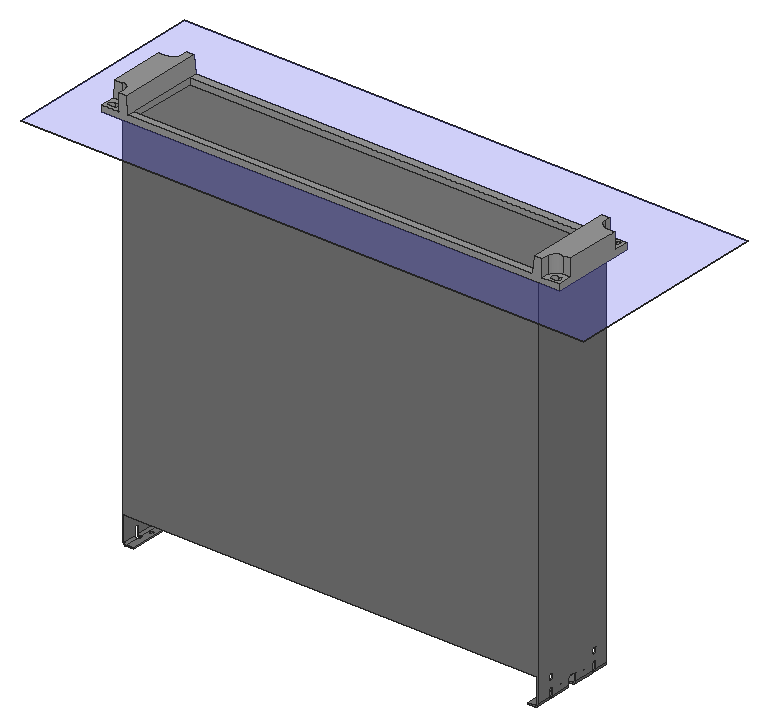
Revit family "IO Frame 8s", category Generic Models, host Face, Revit 2014
Parameters (values of type "IO Frame 8s")
  Width = 19.00"  # constant formula
  Voltage AC = "100-240 at 50-60 Hz"  # constant formula
  URL = "http://qsc.com/products/Q-SYS_Integrated_System/Io_Peripherals/IO_Frame_8s/"
  Regulatory Compliance = "UL, CE and FCC"
  Product Page URL = "http://qsc.com/products/Q-SYS_Integrated_System/Io_Peripherals/IO_Frame_8s/"
  Product Documentation Link = "http://qsc.com/files/4014/0269/3352/IO-FRAME_8s_SpecSheet_6_10_2014.pdf"
  Model = "I/O Frame 8s"
  Manufacturer URL = "http://www.qscaudio.com"
  Manufacturer = "QSC Audio Products, LLC"  # constant formula
  Inner Front Width [instance] = 16.819"
  Height = 3.50"  # constant formula
  Heat Load Active [instance] = 650
  Face Material [instance] = Light Gray Finish
  Description = "8 Card Slot Audio Input Output Device"
  Depth = 16.75"
  Default Elevation = 0.00"
  Current Draw [instance] = 8.5
  Amplifier Material [instance] = Dark Gray Finish
Reference planes (in)
  plane 1 "Center (Front/Back)": y = 0
  plane 2: z = 0
  plane 3 "Center (Left/Right)": x = 0
  plane 4 "Left": x = -9.5
  plane 5 "Right": x = 9.5
  plane 6 "Top": y = 1.75
  plane 7 "Bottom": y = -1.75
  plane 8 "Back": z = -15.8091
  plane 9: z = -14.6791
  plane 10 "Enclosure Left": x = -8.6228
  plane 11 "Enclosure Right": x = 8.6228
  plane 12 "Front": z = 0.9409
  plane 13: x = -8.1838
  plane 14: x = 8.1838
  plane 15: x = -9.4688
  plane 16: x = -8.4698
  plane 17: x = -8.4095
  plane 18: z = 0.2492
  plane 19: x = 9.4688
  plane 20: x = 8.4698
  plane 21: x = 8.4095
  plane 22: z = 0.2492
  plane 23: z = 0.5531
  plane 24 "Inner Left": x = -8.4095
  plane 25 "Inner Right": x = 8.4095
Forms (in)
  Extrusion 1, solid, material "Glass"
    sketch origin (0, 0, 0) x (1, 0, 0) y (0, 1, 0)
      loop
        line (-11.18464, 4.67779) -> (-11.18464, -3.88137) -> (12.1957, -3.88137) -> (12.1957, 4.67779) -> (-11.18464, 4.67779)
    from 0 to -0.03906
  Extrusion 2, solid, material "Dark Gray Finish" <- "Amplifier Material"
    sketch origin (0, -1.75, 0) x (-1, 0, 0) y (0, 0, 1)
      loop
        line (9.5, 0) -> (-9.5, 0) -> (-9.5, -15.8091) -> (9.5, -15.8091) -> (9.5, 0)
    from 0 to 3.5 <- "Height"
  Extrusion 3, void
    sketch origin (0, -1.75, 0) x (-1, 0, 0) y (0, 0, 1)
      loop
        line (8.6228, -15.8091) -> (9.5, -15.8091) -> (9.5, 0) -> (8.6228, 0) -> (8.6228, -15.8091)
      loop
        line (-9.5, -15.8091) -> (-8.6228, -15.8091) -> (-8.6228, 0) -> (-9.5, 0) -> (-9.5, -15.8091)
    from 0 to 3.5 <- "Height"
  Extrusion 4, void
    sketch origin (0, -1.75, 0) x (-1, 0, 0) y (0, 0, 1)
      loop
        arc (8.6228, -15.6791) -> (8.58472, -15.77102) -> (8.4928, -15.8091) r 0.13
        line (8.4928, -15.8091) -> (8.6228, -15.8091) -> (8.6228, -15.6791)
      loop
        line (8.5755, -15.67909) -> (8.5755, -14.6791) -> (-8.5755, -14.6791) -> (-8.5755, -15.67909)
        arc (-8.5755, -15.67909) -> (-8.55128, -15.73757) -> (-8.4928, -15.76179) r 0.0827
        line (-8.4928, -15.76179) -> (-8.1838, -15.76179) -> (-8.1838, -15.8091) -> (8.1838, -15.8091) -> (8.1838, -15.76179) -> (8.4928, -15.76179)
        arc (8.4928, -15.76179) -> (8.55128, -15.73757) -> (8.5755, -15.67909) r 0.0827
      loop
        line (-8.6228, -15.6791) -> (-8.6228, -15.8091) -> (-8.4928, -15.8091)
        arc (-8.4928, -15.8091) -> (-8.58472, -15.77102) -> (-8.6228, -15.6791) r 0.13
    from 0 to 3.5
  Extrusion 5, void
    sketch origin (0, -1.75, 0) x (-1, 0, 0) y (0, 0, 1)
      loop
        line (9.5, 0) -> (9.5, 0.9409) -> (9.4688, 0.9409) -> (9.5, 0)
      loop
        line (8.4698, 0.9409) -> (-8.4698, 0.9409) -> (-8.4095, 0.2492) -> (8.4095, 0.2492) -> (8.4698, 0.9409)
      loop
        line (-9.4688, 0.9409) -> (-9.5, 0.9409) -> (-9.5, 0) -> (-9.4688, 0.9409)
    from 0 to 3.5
  Extrusion 6, void
    sketch origin (0, 0, 0.9409) x (-1, 0, 0) y (0, -1, 0)
      loop
        line (9.5, -1.75) -> (9.5, -1.138) -> (9.1609, -1.138)
        arc (9.1609, -1.138) -> (8.90489, -1.23581) -> (8.7793, -1.4794) r 0.38397
        line (8.7793, -1.4794) -> (8.7793, -1.75) -> (9.5, -1.75)
      loop
        line (9.5, 1.75) -> (8.7793, 1.75) -> (8.7793, 1.4794)
        arc (8.7793, 1.4794) -> (8.90489, 1.23581) -> (9.1609, 1.138) r 0.38397
        line (9.1609, 1.138) -> (9.5, 1.138) -> (9.5, 1.75)
      loop
        line (-9.5, -1.75) -> (-8.7793, -1.75) -> (-8.7793, -1.4794)
        arc (-8.7793, -1.4794) -> (-8.90489, -1.23581) -> (-9.1609, -1.138) r 0.38397
        line (-9.1609, -1.138) -> (-9.5, -1.138) -> (-9.5, -1.75)
      loop
        line (-9.5, 1.75) -> (-9.5, 1.138) -> (-9.1609, 1.138)
        arc (-9.1609, 1.138) -> (-8.90489, 1.23581) -> (-8.7793, 1.4794) r 0.38397
        line (-8.7793, 1.4794) -> (-8.7793, 1.75) -> (-9.5, 1.75)
    from 0 to -0.68359
  Extrusion 7, void
    sketch origin (0, 0, 0.9409) x (-1, 0, 0) y (0, -1, 0)
      loop
        arc (9.2614, -1.651) -> (9.3894, -1.523) -> (9.2614, -1.395) r 0.128
        line (9.2614, -1.395) -> (9.1314, -1.395)
        arc (9.1314, -1.395) -> (9.0034, -1.523) -> (9.1314, -1.651) r 0.128
        line (9.1314, -1.651) -> (9.2614, -1.651)
      loop
        arc (9.2614, 1.395) -> (9.3894, 1.523) -> (9.2614, 1.651) r 0.128
        line (9.2614, 1.651) -> (9.1314, 1.651)
        arc (9.1314, 1.651) -> (9.0034, 1.523) -> (9.1314, 1.395) r 0.128
        line (9.1314, 1.395) -> (9.2614, 1.395)
      loop
        arc (-9.1314, -1.651) -> (-9.0034, -1.523) -> (-9.1314, -1.395) r 0.128
        line (-9.1314, -1.395) -> (-9.2614, -1.395)
        arc (-9.2614, -1.395) -> (-9.3894, -1.523) -> (-9.2614, -1.651) r 0.128
        line (-9.2614, -1.651) -> (-9.1314, -1.651)
      loop
        arc (-9.1314, 1.395) -> (-9.0034, 1.523) -> (-9.1314, 1.651) r 0.128
        line (-9.1314, 1.651) -> (-9.2614, 1.651)
        arc (-9.2614, 1.651) -> (-9.3894, 1.523) -> (-9.2614, 1.395) r 0.128
        line (-9.2614, 1.395) -> (-9.1314, 1.395)
    from 0 to -1
  Extrusion 8, void
    sketch origin (-8.4095, 0, 0) x (0, 1, 0) y (0, 0, 1)
      loop
        line (1.43504, 0) -> (1.43504, 0.9409) -> (-1.43504, 0.9409) -> (-1.43504, 0) -> (1.43504, 0)
    from 0 to 16.819 <- "Inner Front Width"
  Extrusion 9, solid, material "Light Gray Finish" <- "Face Material"
    sketch origin (0, -1.75, 0) x (-1, 0, 0) y (0, 0, 1)
      loop
        line (9.5, 0.9409) -> (-9.5, 0.9409) -> (-9.5, 0) -> (9.5, 0) -> (9.5, 0.9409)
    from 0 to 3.5 <- "Height"
  Extrusion 10, void
    sketch origin (-8.6228, 0, 0) x (0, 0, 1) y (0, -1, 0)
      loop
        arc (-15.00004, -1.04331) -> (-15.10044, -1.1437) -> (-15.00004, -1.24409) r 0.10039
        line (-15.00004, -1.24409) -> (-14.9008, -1.24409)
        arc (-14.9008, -1.24409) -> (-14.80041, -1.1437) -> (-14.9008, -1.04331) r 0.10039
        line (-14.9008, -1.04331) -> (-15.00004, -1.04331)
      loop
        line (-15.8091, -1.24409) -> (-15.41261, -1.24409)
        arc (-15.41261, -1.24409) -> (-15.31222, -1.1437) -> (-15.41261, -1.04331) r 0.10039
        line (-15.41261, -1.04331) -> (-15.8091, -1.04331) -> (-15.8091, -1.24409)
      loop
        circle (-15.41261, 0.58071) r 0.05512
      loop
        circle (-15.41261, -0.62008) r 0.05512
      loop
        line (-15.00004, 1.00787) -> (-14.9008, 1.00787)
        arc (-14.9008, 1.00787) -> (-14.80041, 1.10827) -> (-14.9008, 1.20866) r 0.10039
        line (-14.9008, 1.20866) -> (-15.00004, 1.20866)
        arc (-15.00004, 1.20866) -> (-15.10044, 1.10827) -> (-15.00004, 1.00787) r 0.10039
      loop
        line (-15.8091, 1.00787) -> (-15.41261, 1.00787)
        arc (-15.41261, 1.00787) -> (-15.31222, 1.10827) -> (-15.41261, 1.20866) r 0.10039
        line (-15.41261, 1.20866) -> (-15.8091, 1.20866) -> (-15.8091, 1.00787)
      loop
        line (-15.8091, -0.20079) -> (-15.41261, -0.20079)
        arc (-15.41261, -0.20079) -> (-15.34162, -0.17138) -> (-15.31222, -0.10039) r 0.10039
        line (-15.31222, -0.10039) -> (-15.31222, 0.10039)
        arc (-15.31222, 0.10039) -> (-15.34162, 0.17138) -> (-15.41261, 0.20079) r 0.10039
        line (-15.41261, 0.20079) -> (-15.8091, 0.20079) -> (-15.8091, -0.20079)
    from 0 to 0.13
  Extrusion 11, void
    sketch origin (8.6228, 0, 0) x (0, 0, 1) y (0, -1, 0)
      loop
        arc (-15.00004, -1.04331) -> (-15.10044, -1.1437) -> (-15.00004, -1.24409) r 0.10039
        line (-15.00004, -1.24409) -> (-14.9008, -1.24409)
        arc (-14.9008, -1.24409) -> (-14.80041, -1.1437) -> (-14.9008, -1.04331) r 0.10039
        line (-14.9008, -1.04331) -> (-15.00004, -1.04331)
      loop
        line (-15.8091, -1.24409) -> (-15.41261, -1.24409)
        arc (-15.41261, -1.24409) -> (-15.31222, -1.1437) -> (-15.41261, -1.04331) r 0.10039
        line (-15.41261, -1.04331) -> (-15.8091, -1.04331) -> (-15.8091, -1.24409)
      loop
        circle (-15.41261, 0.58071) r 0.05512
      loop
        circle (-15.41261, -0.62008) r 0.05512
      loop
        line (-15.00004, 1.00787) -> (-14.9008, 1.00787)
        arc (-14.9008, 1.00787) -> (-14.80041, 1.10827) -> (-14.9008, 1.20866) r 0.10039
        line (-14.9008, 1.20866) -> (-15.00004, 1.20866)
        arc (-15.00004, 1.20866) -> (-15.10044, 1.10827) -> (-15.00004, 1.00787) r 0.10039
      loop
        line (-15.8091, 1.00787) -> (-15.41261, 1.00787)
        arc (-15.41261, 1.00787) -> (-15.31222, 1.10827) -> (-15.41261, 1.20866) r 0.10039
        line (-15.41261, 1.20866) -> (-15.8091, 1.20866) -> (-15.8091, 1.00787)
      loop
        line (-15.8091, -0.20079) -> (-15.41261, -0.20079)
        arc (-15.41261, -0.20079) -> (-15.34162, -0.17138) -> (-15.31222, -0.10039) r 0.10039
        line (-15.31222, -0.10039) -> (-15.31222, 0.10039)
        arc (-15.31222, 0.10039) -> (-15.34162, 0.17138) -> (-15.41261, 0.20079) r 0.10039
        line (-15.41261, 0.20079) -> (-15.8091, 0.20079) -> (-15.8091, -0.20079)
    from -0.12992 to 0
  Extrusion 12, void
    sketch origin (-0.03076, 0, -15.8091) x (-1, 0, 0) y (0, -1, 0)
      loop
        line (8.45517, -1.24409) -> (8.48607, -1.24409) -> (8.48607, -1.04331) -> (8.45517, -1.04331)
        arc (8.45517, -1.04331) -> (8.35478, -1.1437) -> (8.45517, -1.24409) r 0.10039
      loop
        line (8.45517, 1.00787) -> (8.48607, 1.00787) -> (8.48607, 1.20866) -> (8.45517, 1.20866)
        arc (8.45517, 1.20866) -> (8.35478, 1.10827) -> (8.45517, 1.00787) r 0.10039
      loop
        circle (8.31304, -0.6231) r 0.07
      loop
        circle (8.31304, 0.6231) r 0.07
      loop
        line (8.45517, -0.20079) -> (8.48607, -0.20079) -> (8.48607, 0.20079) -> (8.45517, 0.20079)
        arc (8.45517, 0.20079) -> (8.38418, 0.17138) -> (8.35478, 0.10039) r 0.10039
        line (8.35478, 0.10039) -> (8.35478, -0.10039)
        arc (8.35478, -0.10039) -> (8.38418, -0.17138) -> (8.45517, -0.20079) r 0.10039
    from 0 to 0.12992
  Extrusion 13, void
    sketch origin (0.03076, 0, -15.8091) x (1, 0, 0) y (0, 1, 0)
      loop
        arc (8.45517, 1.24409) -> (8.35478, 1.1437) -> (8.45517, 1.04331) r 0.10039
        line (8.45517, 1.04331) -> (8.48607, 1.04331) -> (8.48607, 1.24409) -> (8.45517, 1.24409)
      loop
        arc (8.45517, -1.00787) -> (8.35478, -1.10827) -> (8.45517, -1.20866) r 0.10039
        line (8.45517, -1.20866) -> (8.48607, -1.20866) -> (8.48607, -1.00787) -> (8.45517, -1.00787)
      loop
        circle (8.31304, 0.6231) r 0.07
      loop
        circle (8.31304, -0.6231) r 0.07
      loop
        arc (8.45517, 0.20079) -> (8.38418, 0.17138) -> (8.35478, 0.10039) r 0.10039
        line (8.35478, 0.10039) -> (8.35478, -0.10039)
        arc (8.35478, -0.10039) -> (8.38418, -0.17138) -> (8.45517, -0.20079) r 0.10039
        line (8.45517, -0.20079) -> (8.48607, -0.20079) -> (8.48607, 0) -> (8.48607, 0.20079) -> (8.45517, 0.20079)
    from 0 to 0.12992
  Extrusion 14, void
    sketch origin (0, 0, -15.8091) x (-1, 0, 0) y (0, -1, 0)
      loop
        line (-7.88904, -0.82275) -> (-7.88904, -1.45267) -> (-4.42448, -1.45267) -> (-4.42448, -0.82275) -> (-7.88904, -0.82275)
      loop
        line (-7.88904, -0.07472) -> (-7.88904, -0.70464) -> (-4.42448, -0.70464) -> (-4.42448, -0.07472) -> (-7.88904, -0.07472)
      loop
        line (-7.88904, 0.67331) -> (-7.88904, 0.04339) -> (-4.42448, 0.04339) -> (-4.42448, 0.67331) -> (-7.88904, 0.67331)
      loop
        line (-7.88904, 1.42134) -> (-7.88904, 0.79142) -> (-4.42448, 0.79142) -> (-4.42448, 1.42134) -> (-7.88904, 1.42134)
      loop
        line (-3.28274, -0.82275) -> (-3.28274, -1.45267) -> (0.18182, -1.45267) -> (0.18182, -0.82275) -> (-3.28274, -0.82275)
      loop
        line (-3.28274, -0.07472) -> (-3.28274, -0.70464) -> (0.18182, -0.70464) -> (0.18182, -0.07472) -> (-3.28274, -0.07472)
      loop
        line (-3.28274, 0.67331) -> (-3.28274, 0.04339) -> (0.18182, 0.04339) -> (0.18182, 0.67331) -> (-3.28274, 0.67331)
      loop
        line (-3.28274, 1.42134) -> (-3.28274, 0.79142) -> (0.18182, 0.79142) -> (0.18182, 1.42134) -> (-3.28274, 1.42134)
      loop
        line (1.43506, -0.28739) -> (1.43506, -1.1929) -> (1.75002, -1.1929) -> (1.75002, -0.28739) -> (1.43506, -0.28739)
      loop
        line (1.43506, 1.28742) -> (1.43506, 0.38191) -> (1.75002, 0.38191) -> (1.75002, 1.28742) -> (1.43506, 1.28742)
      loop
        line (2.49648, 0.79142) -> (2.49648, 0.59391) -> (2.96893, 0.59391) -> (2.96893, 0.79142) -> (2.49648, 0.79142)
      loop
        line (2.49648, 1.10284) -> (2.49648, 0.90533) -> (2.96893, 0.90533) -> (2.96893, 1.10284) -> (2.49648, 1.10284)
      loop
        line (3.28389, 0.79142) -> (3.28389, 0.59391) -> (3.75633, 0.59391) -> (3.75633, 0.79142) -> (3.28389, 0.79142)
      loop
        line (3.28389, 1.10284) -> (3.28389, 0.90533) -> (3.75633, 0.90533) -> (3.75633, 1.10284) -> (3.28389, 1.10284)
      loop
        line (3.28389, 0.48) -> (3.28389, 0.0863) -> (3.75633, 0.0863) -> (3.75633, 0.48) -> (3.28389, 0.48)
      loop
        line (4.30095, 1.12186) -> (4.30095, 0.8069) -> (4.93087, 0.8069) -> (4.93087, 1.12186) -> (4.30095, 1.12186)
      loop
        line (5.44743, 1.12186) -> (5.44743, 0.8069) -> (6.35294, 0.8069) -> (6.35294, 1.12186) -> (5.44743, 1.12186)
      loop
        line (5.59645, 0.51791) -> (5.59645, 0.20295) -> (6.22637, 0.20295) -> (6.22637, 0.51791) -> (5.59645, 0.51791)
      loop
        line (6.21028, -0.44874) -> (6.21028, -1.31488) -> (7.39138, -1.31488) -> (7.39138, -0.44874) -> (6.21028, -0.44874)
      loop
        line (7.75539, -0.23622) -> (8.14909, -0.23622) -> (8.14909, 0.23622) -> (7.75539, 0.23622) -> (7.75539, -0.23622)
      loop
        circle (1.58952, -1.31593) r 0.09843
      loop
        circle (1.58952, -0.16435) r 0.09843
      loop
        circle (1.58952, 0.25887) r 0.09843
      loop
        circle (1.58952, 1.41045) r 0.09843
      loop
        circle (4.17792, 0.96438) r 0.09843
      loop
        circle (5.0539, 0.96438) r 0.09843
      loop
        circle (5.3244, 0.96438) r 0.09843
      loop
        circle (6.47597, 0.96438) r 0.09843
      loop
        circle (6.34941, 0.36043) r 0.09843
      loop
        circle (5.47342, 0.36043) r 0.09843
    from 0 to 1.25
Cuts and joins
  Extrusion 3, Extrusion 4, Extrusion 5, Extrusion 6, Extrusion 7, Extrusion 8, Extrusion 10, Extrusion 11, Extrusion 12, Extrusion 13, Extrusion 14 cuts Extrusion 2
  Extrusion 5, Extrusion 6, Extrusion 7, Extrusion 8 cuts Extrusion 9
Lines and regions (in)
  model lines, detail levels fine
    curve 1: circle (-8.3438, 0.6231, -15.8091) r 0.07 normal (0, 0, 1)
    curve 2: circle (-8.3438, -0.6231, -15.8091) r 0.07 normal (0, 0, -1)
  model lines, style "GenericModel", not visible, detail levels fine
    curve 3: line (13.55599, -1.01274, 0.03125) -> (13.46873, -0.89778, 0.03125)
    curve 4: line (13.46873, -0.89778, 0.03125) -> (13.55599, -1.01274, 0.03125)
    curve 5: line (13.15237, -0.99839, 0.03125) -> (13.18534, -0.8798, 0.03125)
    curve 6: line (13.18534, -0.8798, 0.03125) -> (13.15237, -0.99839, 0.03125)
    curve 7: line (13.20744, -1.07691, 0.03125) -> (13.18283, -0.85745, 0.03125)
    curve 8: line (13.18283, -0.85745, 0.03125) -> (13.20744, -1.07691, 0.03125)
    curve 9: line (13.67283, -0.92336, 0.03125) -> (13.75064, -0.98053, 0.03125)
    curve 10: line (13.75064, -0.98053, 0.03125) -> (13.67283, -0.92336, 0.03125)
  model lines, not visible
    curve 11: arc (-4.09496, -0.0625, 1.79211) -> (-3.79966, 0.2328, 1.79211) -> (-3.50436, -0.0625, 1.79211) r 0.2953
    curve 12: arc (-3.50436, -0.0625, 1.79211) -> (-3.79966, -0.3578, 1.79211) -> (-4.09496, -0.0625, 1.79211) r 0.2953
    curve 13: arc (2.90932, 0.1875, 1.79211) -> (3.51952, 0.7977, 1.79211) -> (4.12972, 0.1875, 1.79211) r 0.6102
    curve 14: arc (4.12972, 0.1875, 1.79211) -> (3.51952, -0.4227, 1.79211) -> (2.90932, 0.1875, 1.79211) r 0.6102
    curve 15: line (2.1373, 0.9632, 1.79211) -> (2.1373, -0.8138, 1.79211)
    curve 16: line (2.1373, -0.8138, 1.79211) -> (-0.6525, -0.8138, 1.79211)
    curve 17: line (-0.6525, -0.8138, 1.79211) -> (-0.6525, 0.9632, 1.79211)
    curve 18: line (-0.6525, 0.9632, 1.79211) -> (2.1373, 0.9632, 1.79211)
  model lines
    curve 19: circle (5.75694, -0.37757, 0) r 0.23622 normal (0, 0, 1)
    curve 20: circle (6.40163, -0.37757, 0) r 0.23622 normal (0, 0, 1)
    curve 21: line (1.76217, -0.59391, 0) -> (4.91178, -0.59391, 0)
    curve 22: line (1.76217, 0.27223, 0) -> (1.76217, -0.59391, 0)
    curve 23: line (4.91178, 0.27223, 0) -> (1.76217, 0.27223, 0)
    curve 24: line (4.91178, -0.59391, 0) -> (4.91178, 0.27223, 0)
    curve 25: line (-2.33126, -0.66773, 0) -> (1.21205, -0.66773, 0)
    curve 26: line (-2.33126, 0.31653, 0) -> (-2.33126, -0.66773, 0)
    curve 27: line (1.21205, 0.31653, 0) -> (-2.33126, 0.31653, 0)
    curve 28: line (1.21205, -0.66773, 0) -> (1.21205, 0.31653, 0)
  model lines, style "GenericModel", detail levels fine
    curve 29: line (-5.71638, -0.08669, 0) -> (-5.8543, 0.09501, 0)
    curve 30: line (-5.8543, 0.09501, 0) -> (-5.71638, -0.08669, 0)
    curve 31: line (-6.35431, -0.064, 0) -> (-6.30221, 0.12343, 0)
    curve 32: line (-6.30221, 0.12343, 0) -> (-6.35431, -0.064, 0)
    curve 33: line (-6.26728, -0.18811, 0) -> (-6.30617, 0.15876, 0)
    curve 34: line (-6.30617, 0.15876, 0) -> (-6.26728, -0.18811, 0)
    curve 35: line (-5.53171, 0.05457, 0) -> (-5.40873, -0.03578, 0)
    curve 36: line (-5.40873, -0.03578, 0) -> (-5.53171, 0.05457, 0)
Dimensions and locks (in)
  "Depth": plane 12 "Front" to plane 8 "Back"
  equal spacing: plane 6 "Top", plane 1 "Center (Front/Back)", plane 7 "Bottom"
  "Height": plane 6 "Top" to plane 7 "Bottom"
  equal spacing: plane 4 "Left", plane 3 "Center (Left/Right)", plane 5 "Right"
  "Width": plane 4 "Left" to plane 5 "Right"
  plane 9 to plane 8 "Back" = 1.13"
  plane 4 "Left" to plane 10 "Enclosure Left" = 0.8772"
  plane 11 "Enclosure Right" to plane 5 "Right" = 0.8772"
  plane 12 "Front" to plane 2 = 0.9409"
  plane 10 "Enclosure Left" to plane 13 = 0.439"
  plane 14 to plane 11 "Enclosure Right" = 0.439"
  "Inner Front Width": plane 24 "Inner Left" to plane 25 "Inner Right"
  aligned and locked: plane 2 to Extrusion 1
  aligned and locked: level to Extrusion 1
  aligned and locked: Extrusion 2 sketch curve to plane 4 "Left"
  aligned and locked: plane 8 "Back" to Extrusion 2 sketch curve
  aligned and locked: Extrusion 2 sketch curve to plane 5 "Right"
  aligned and locked: Extrusion 3 sketch curve to plane 8 "Back"
  aligned and locked: Extrusion 3 sketch curve to plane 10 "Enclosure Left"
  aligned and locked: level to Extrusion 3 sketch curve  (x2)
  aligned and locked: Extrusion 3 sketch curve to plane 4 "Left"
  aligned and locked: Extrusion 3 sketch curve to Extrusion 2
  aligned and locked: Extrusion 2 to Extrusion 3 sketch curve
  aligned and locked: Extrusion 3 sketch curve to plane 11 "Enclosure Right"
  aligned and locked: Extrusion 2 sketch curve to plane 2
Automatic sketch dimensions
  Extrusion 1 sketch curve to Extrusion 1 sketch curve = 23.38034"
  Extrusion 1 sketch curve to Extrusion 1 sketch curve = 8.55916"
  Extrusion 4 sketch curve to plane 11 "Enclosure Right" = 0.00"
  Extrusion 4 sketch curve to plane 9 = 0.00"
  Extrusion 4 sketch curve to plane 8 "Back" = 0.00"  (x3)
  Extrusion 4 sketch curve to plane 14 = 0.00"
  Extrusion 4 sketch curve to plane 13 = 0.00"
  Extrusion 4 sketch curve to plane 10 "Enclosure Left" = 0.00"
  Extrusion 4 sketch curve to plane 11 "Enclosure Right" = 0.0473"
  plane 8 "Back" to Extrusion 4 sketch curve = 0.04731"  (x2)
  plane 25 "Inner Right" to Extrusion 4 sketch curve = 0.0833"
  Extrusion 4 sketch curve to Extrusion 4 sketch curve = 0.00"  (x2)
  Extrusion 4 sketch curve to plane 24 "Inner Left" = 0.0833"
  plane 10 "Enclosure Left" to Extrusion 4 sketch curve = 0.0473"
  Extrusion 5 sketch curve to level = 0.00"  (x2)
  Extrusion 5 sketch curve to plane 5 "Right" = 0.00"
  Extrusion 5 sketch curve to plane 12 "Front" = 0.00"  (x3)
  plane 19 to Extrusion 5 sketch curve = 0.00"
  plane 20 to Extrusion 5 sketch curve = 0.00"
  Extrusion 5 sketch curve to plane 18 = 0.00"
  plane 21 to Extrusion 5 sketch curve = 0.00"
  Extrusion 5 sketch curve to plane 17 = 0.00"
  Extrusion 5 sketch curve to plane 16 = 0.00"
  Extrusion 5 sketch curve to plane 15 = 0.00"
  Extrusion 5 sketch curve to plane 4 "Left" = 0.00"
  Extrusion 6 sketch curve to plane 5 "Right" = 0.00"  (x2)
  Extrusion 6 sketch curve to plane 6 "Top" = 0.00"  (x2)
  Extrusion 6 sketch curve to plane 7 "Bottom" = 0.00"  (x2)
  Extrusion 6 sketch curve to plane 4 "Left" = 0.00"  (x2)
  Extrusion 6 sketch curve to plane 5 "Right" = 0.3391"  (x2)
  plane 11 "Enclosure Right" to Extrusion 6 sketch curve = 0.1565"  (x2)
  Extrusion 6 sketch curve to plane 10 "Enclosure Left" = 0.1565"  (x2)
  plane 4 "Left" to Extrusion 6 sketch curve = 0.3391"  (x2)
  Extrusion 6 sketch curve to plane 6 "Top" = 0.22803"  (x2)
  Extrusion 6 sketch curve to plane 6 "Top" = 0.2706"  (x2)
  plane 7 "Bottom" to Extrusion 6 sketch curve = 0.612"  (x2)
  plane 7 "Bottom" to Extrusion 6 sketch curve = 0.2706"  (x2)
  Extrusion 7 sketch curve to plane 5 "Right" = 0.2386"  (x2)
  Extrusion 7 sketch curve to Extrusion 7 sketch curve = 0.13"  (x4)
  plane 4 "Left" to Extrusion 7 sketch curve = 0.3686"  (x2)
  Extrusion 7 sketch curve to plane 6 "Top" = 0.099"  (x2)
  Extrusion 7 sketch curve to Extrusion 7 sketch curve = 0.128"  (x4)
  plane 7 "Bottom" to Extrusion 7 sketch curve = 0.355"  (x2)
  plane 24 "Inner Left" to curve 2 = 0.0657"
  plane 24 "Inner Left" to curve 1 = 0.0657"
  curve 1 to plane 1 "Center (Front/Back)" = 0.6231"
  plane 1 "Center (Front/Back)" to curve 2 = 0.6231"
  Extrusion 8 sketch curve to level = 0.00"
  Extrusion 8 sketch curve to plane 12 "Front" = 0.00"
  plane 7 "Bottom" to Extrusion 8 sketch curve = 0.31496"
  Extrusion 8 sketch curve to plane 6 "Top" = 0.31496"
  Extrusion 9 sketch curve to plane 5 "Right" = 0.00"
  Extrusion 9 sketch curve to level = 0.00"
  Extrusion 9 sketch curve to plane 4 "Left" = 0.00"
  Extrusion 9 sketch curve to plane 12 "Front" = 0.00"
  plane 1 "Center (Front/Back)" to curve 25 = 0.66773"
  curve 25 to plane 3 "Center (Left/Right)" = 2.33126"
  plane 3 "Center (Left/Right)" to curve 25 = 1.21205"
  curve 25 to curve 21 = 0.55012"
  plane 1 "Center (Front/Back)" to curve 21 = 0.59391"
  curve 21 to curve 21 = 3.14961"
  plane 1 "Center (Front/Back)" to curve 19 = 0.37757"
  curve 21 to curve 19 = 0.84516"
  curve 19 to curve 20 = 0.64469"
  plane 1 "Center (Front/Back)" to curve 20 = 0.37757"
  curve 23 to plane 1 "Center (Front/Back)" = 0.27223"
  curve 27 to plane 1 "Center (Front/Back)" = 0.31653"
  Extrusion 10 sketch curve to plane 8 "Back" = 0.00"  (x3)
  plane 8 "Back" to Extrusion 10 sketch curve = 0.39649"  (x4)
  Extrusion 10 sketch curve to Extrusion 10 sketch curve = 0.00"  (x4)
  Extrusion 10 sketch curve to plane 1 "Center (Front/Back)" = 0.10039"
  Extrusion 10 sketch curve to Extrusion 10 sketch curve = 0.10039"  (x5)
  Extrusion 10 sketch curve to plane 9 = 0.32094"  (x2)
  Extrusion 10 sketch curve to Extrusion 10 sketch curve = 0.09924"  (x2)
  Extrusion 10 sketch curve to Extrusion 10 sketch curve = 0.41929"
  Extrusion 10 sketch curve to Extrusion 10 sketch curve = 0.42323"
  plane 1 "Center (Front/Back)" to Extrusion 10 sketch curve = 0.10039"
  Extrusion 10 sketch curve to Extrusion 10 sketch curve = 0.37992"
  Extrusion 10 sketch curve to Extrusion 10 sketch curve = 0.42717"
  Extrusion 11 sketch curve to plane 8 "Back" = 0.00"  (x3)
  plane 8 "Back" to Extrusion 11 sketch curve = 0.39649"  (x3)
  Extrusion 11 sketch curve to Extrusion 11 sketch curve = 0.00"  (x4)
  Extrusion 11 sketch curve to Extrusion 11 sketch curve = 0.39649"
  Extrusion 11 sketch curve to Extrusion 11 sketch curve = 0.10039"  (x5)
  Extrusion 11 sketch curve to plane 9 = 0.32094"  (x2)
  Extrusion 11 sketch curve to Extrusion 11 sketch curve = 0.09924"  (x2)
  Extrusion 11 sketch curve to plane 6 "Top" = 0.50591"
  Extrusion 11 sketch curve to Extrusion 11 sketch curve = 0.42323"
  Extrusion 11 sketch curve to plane 1 "Center (Front/Back)" = 0.20079"
  plane 1 "Center (Front/Back)" to Extrusion 11 sketch curve = 0.10039"
  Extrusion 11 sketch curve to Extrusion 11 sketch curve = 0.37992"
  Extrusion 11 sketch curve to Extrusion 11 sketch curve = 0.42717"
  plane 24 "Inner Left" to Extrusion 12 sketch curve = 0.0657"  (x2)
  plane 24 "Inner Left" to Extrusion 12 sketch curve = 0.02397"
  Extrusion 12 sketch curve to plane 24 "Inner Left" = 0.07643"  (x4)
  Extrusion 12 sketch curve to Extrusion 12 sketch curve = 0.03091"  (x3)
  Extrusion 12 sketch curve to plane 6 "Top" = 0.50591"
  Extrusion 12 sketch curve to Extrusion 12 sketch curve = 0.10039"  (x2)
  Extrusion 12 sketch curve to Extrusion 12 sketch curve = 0.42021"
  Extrusion 12 sketch curve to plane 1 "Center (Front/Back)" = 0.20079"
  plane 1 "Center (Front/Back)" to Extrusion 12 sketch curve = 0.10039"
  Extrusion 12 sketch curve to Extrusion 12 sketch curve = 0.42231"
  Extrusion 12 sketch curve to Extrusion 12 sketch curve = 0.38477"
  plane 1 "Center (Front/Back)" to Extrusion 13 sketch curve = 0.00"
  plane 25 "Inner Right" to Extrusion 13 sketch curve = 0.0657"  (x2)
  plane 25 "Inner Right" to Extrusion 13 sketch curve = 0.02397"
  Extrusion 13 sketch curve to plane 25 "Inner Right" = 0.07643"  (x4)
  Extrusion 13 sketch curve to Extrusion 13 sketch curve = 0.03091"  (x3)
  plane 1 "Center (Front/Back)" to Extrusion 13 sketch curve = 0.10039"
  Extrusion 13 sketch curve to Extrusion 13 sketch curve = 0.42231"  (x2)
  Extrusion 13 sketch curve to Extrusion 13 sketch curve = 0.42021"
  Extrusion 13 sketch curve to Extrusion 13 sketch curve = 0.10039"  (x2)
  Extrusion 13 sketch curve to plane 1 "Center (Front/Back)" = 0.10039"
  Extrusion 13 sketch curve to Extrusion 13 sketch curve = 0.38477"
  Extrusion 14 sketch curve to plane 14 = 0.29476"  (x3)
  plane 1 "Center (Front/Back)" to Extrusion 14 sketch curve = 0.04339"  (x2)
  Extrusion 14 sketch curve to Extrusion 14 sketch curve = 0.00"  (x13)
  Extrusion 14 sketch curve to plane 1 "Center (Front/Back)" = 0.07472"  (x2)
  Extrusion 14 sketch curve to Extrusion 14 sketch curve = 3.46457"
  Extrusion 14 sketch curve to plane 6 "Top" = 0.29733"  (x2)
  plane 7 "Bottom" to Extrusion 14 sketch curve = 0.32866"  (x2)
  Extrusion 14 sketch curve to Extrusion 14 sketch curve = 1.14173"  (x2)
  Extrusion 14 sketch curve to plane 3 "Center (Left/Right)" = 0.18182"  (x4)
  Extrusion 14 sketch curve to plane 1 "Center (Front/Back)" = 0.28739"
  Extrusion 14 sketch curve to Extrusion 14 sketch curve = 1.25324"
  Extrusion 14 sketch curve to Extrusion 14 sketch curve = 0.15446"  (x4)
  Extrusion 14 sketch curve to Extrusion 14 sketch curve = 0.1605"  (x2)
  Extrusion 14 sketch curve to Extrusion 14 sketch curve = 0.74646"
  Extrusion 14 sketch curve to Extrusion 14 sketch curve = 0.47244"  (x2)
  Extrusion 14 sketch curve to Extrusion 14 sketch curve = 0.31496"
  Extrusion 14 sketch curve to Extrusion 14 sketch curve = 0.42159"
  Extrusion 14 sketch curve to Extrusion 14 sketch curve = 0.12303"  (x9)
  Extrusion 14 sketch curve to Extrusion 14 sketch curve = 0.62992"  (x6)
  Extrusion 14 sketch curve to Extrusion 14 sketch curve = 0.27049"
  Extrusion 14 sketch curve to Extrusion 14 sketch curve = 0.02599"
  Extrusion 14 sketch curve to plane 6 "Top" = 0.43512"
  Extrusion 14 sketch curve to Extrusion 14 sketch curve = 0.61383"
  Extrusion 14 sketch curve to Extrusion 14 sketch curve = 0.12657"
  plane 13 to Extrusion 14 sketch curve = 0.79242"
  Extrusion 14 sketch curve to Extrusion 14 sketch curve = 0.36401"
  plane 13 to Extrusion 14 sketch curve = 0.03471"
  Extrusion 14 sketch curve to plane 6 "Top" = 0.43407"
  Extrusion 14 sketch curve to Extrusion 14 sketch curve = 0.11811"  (x4)
  Extrusion 14 sketch curve to plane 1 "Center (Front/Back)" = 0.44874"
  Extrusion 14 sketch curve to plane 1 "Center (Front/Back)" = 0.23622"
  Extrusion 14 sketch curve to plane 1 "Center (Front/Back)" = 0.16435"
  plane 1 "Center (Front/Back)" to Extrusion 14 sketch curve = 0.0863"
  plane 1 "Center (Front/Back)" to Extrusion 14 sketch curve = 0.20295"
  plane 1 "Center (Front/Back)" to Extrusion 14 sketch curve = 0.23622"
  plane 1 "Center (Front/Back)" to Extrusion 14 sketch curve = 0.25887"
  Extrusion 14 sketch curve to Extrusion 14 sketch curve = 0.15748"  (x9)
  Extrusion 14 sketch curve to Extrusion 14 sketch curve = 0.3937"
  Extrusion 14 sketch curve to Extrusion 14 sketch curve = 0.11391"  (x4)
  Extrusion 14 sketch curve to Extrusion 14 sketch curve = 0.19751"  (x4)
  Extrusion 14 sketch curve to Extrusion 14 sketch curve = 0.01548"
  Extrusion 14 sketch curve to Extrusion 14 sketch curve = 0.28899"
  plane 7 "Bottom" to Extrusion 14 sketch curve = 0.46258"
  radius of curve 1 = 0.07"
  radius of curve 2 = 0.07"
  radius of curve 19 = 0.23622"
  radius of curve 20 = 0.23622"
  radius of Extrusion 10 sketch curve = 0.05512"  (x2)
  radius of Extrusion 11 sketch curve = 0.05512"  (x2)
  radius of Extrusion 12 sketch curve = 0.07"  (x2)
  radius of Extrusion 13 sketch curve = 0.07"  (x2)
  radius of Extrusion 14 sketch curve = 0.09843"  (x10)
Connectors (in)
  electrical at (6.15676, 1.13771, -14.5591)
    settings: on cut or joined group 1 (Extrusion 2, Extrusion 3, Extrusion 4, Extrusion 5, Extrusion 6, Extrusion 7, Extrusion 8, Extrusion 10, Extrusion 11, Extrusion 12, Extrusion 13, Extrusion 14), index 1, voltage 0 V, apparent load 0 VA, apparent load phase1 0 VA, apparent load phase2 0 VA, apparent load phase3 0 VA, power factor 1, load classification "Other", number of poles 1, system type 14, power factor state 1, is connector primary yes, connector utility no, sub classification motor no, connector description "Qsys Card Slot"
  electrical at (6.15676, 0.38968, -14.5591)
    settings: on cut or joined group 1, index 2, voltage 0 V, apparent load 0 VA, apparent load phase1 0 VA, apparent load phase2 0 VA, apparent load phase3 0 VA, power factor 1, load classification "Other", number of poles 1, system type 14, power factor state 1, is connector primary no, connector utility no, sub classification motor no, connector description "Qsys Card Slot"
  electrical at (6.15676, -0.35835, -14.6791)
    settings: on cut or joined group 1, index 3, voltage 0 V, apparent load 0 VA, apparent load phase1 0 VA, apparent load phase2 0 VA, apparent load phase3 0 VA, power factor 1, load classification "Other", number of poles 1, system type 14, power factor state 1, is connector primary no, connector utility no, sub classification motor no, connector description "Qsys Card Slot"
  electrical at (6.15676, -1.10638, -14.5591)
    settings: on cut or joined group 1, index 4, voltage 0 V, apparent load 0 VA, apparent load phase1 0 VA, apparent load phase2 0 VA, apparent load phase3 0 VA, power factor 1, load classification "Other", number of poles 1, system type 14, power factor state 1, is connector primary no, connector utility no, sub classification motor no, connector description "Qsys Card Slot"
  electrical at (1.55046, 1.13771, -14.5591)
    settings: on cut or joined group 1, index 5, voltage 0 V, apparent load 0 VA, apparent load phase1 0 VA, apparent load phase2 0 VA, apparent load phase3 0 VA, power factor 1, load classification "Other", number of poles 1, system type 14, power factor state 1, is connector primary no, connector utility no, sub classification motor no, connector description "Qsys Card Slot"
  electrical at (1.55046, 0.38968, -14.5591)
    settings: on cut or joined group 1, index 6, voltage 0 V, apparent load 0 VA, apparent load phase1 0 VA, apparent load phase2 0 VA, apparent load phase3 0 VA, power factor 1, load classification "Other", number of poles 1, system type 14, power factor state 1, is connector primary no, connector utility no, sub classification motor no, connector description "Qsys Card Slot"
  electrical at (1.55046, -0.35835, -14.5591)
    settings: on cut or joined group 1, index 7, voltage 0 V, apparent load 0 VA, apparent load phase1 0 VA, apparent load phase2 0 VA, apparent load phase3 0 VA, power factor 1, load classification "Other", number of poles 1, system type 14, power factor state 1, is connector primary no, connector utility no, sub classification motor no, connector description "Qsys Card Slot"
  electrical at (1.55046, -1.10638, -14.5591)
    settings: on cut or joined group 1, index 8, voltage 0 V, apparent load 0 VA, apparent load phase1 0 VA, apparent load phase2 0 VA, apparent load phase3 0 VA, power factor 1, load classification "Other", number of poles 1, system type 14, power factor state 1, is connector primary no, connector utility no, sub classification motor no, connector description "Qsys Card Slot"
  electrical at (-1.59254, 0.74014, -14.5591)
    settings: on cut or joined group 1, index 9, voltage 0 V, apparent load 0 VA, apparent load phase1 0 VA, apparent load phase2 0 VA, apparent load phase3 0 VA, power factor 1, load classification "Other", number of poles 1, system type 14, power factor state 1, is connector primary no, connector utility no, sub classification motor no, connector description "GPIO A"
  electrical at (-1.59254, -0.83466, -14.5591)
    settings: on cut or joined group 1, index 10, voltage 0 V, apparent load 0 VA, apparent load phase1 0 VA, apparent load phase2 0 VA, apparent load phase3 0 VA, power factor 1, load classification "Other", number of poles 1, system type 14, power factor state 1, is connector primary no, connector utility no, sub classification motor no, connector description "GPIO B"
  electrical at (-2.73271, -0.69266, -14.5591)
    settings: on cut or joined group 1, index 11, voltage 0 V, apparent load 0 VA, apparent load phase1 0 VA, apparent load phase2 0 VA, apparent load phase3 0 VA, power factor 1, load classification "Other", number of poles 1, system type 14, power factor state 1, is connector primary no, connector utility no, sub classification motor no, connector description "Aux USB Ports"
  electrical at (-2.73271, -1.00409, -14.5591)
    settings: on cut or joined group 1, index 12, voltage 0 V, apparent load 0 VA, apparent load phase1 0 VA, apparent load phase2 0 VA, apparent load phase3 0 VA, power factor 1, load classification "Other", number of poles 1, system type 14, power factor state 1, is connector primary no, connector utility no, sub classification motor no, connector description "Aux USB Ports"
  electrical at (-3.52011, -1.00409, -14.5591)
    settings: on cut or joined group 1, index 13, voltage 0 V, apparent load 0 VA, apparent load phase1 0 VA, apparent load phase2 0 VA, apparent load phase3 0 VA, power factor 1, load classification "Other", number of poles 1, system type 14, power factor state 1, is connector primary no, connector utility no, sub classification motor no, connector description "Aux USB Ports"
  electrical at (-3.52011, -0.69266, -14.5591)
    settings: on cut or joined group 1, index 14, voltage 0 V, apparent load 0 VA, apparent load phase1 0 VA, apparent load phase2 0 VA, apparent load phase3 0 VA, power factor 1, load classification "Other", number of poles 1, system type 14, power factor state 1, is connector primary no, connector utility no, sub classification motor no, connector description "Aux USB Ports"
  electrical at (-3.52011, -0.28315, -14.5591)
    settings: on cut or joined group 1, index 15, voltage 0 V, apparent load 0 VA, apparent load phase1 0 VA, apparent load phase2 0 VA, apparent load phase3 0 VA, power factor 1, load classification "Other", number of poles 1, system type 14, power factor state 1, is connector primary no, connector utility no, sub classification motor no, connector description "LAN A"
  electrical at (-4.61591, -0.96438, -14.5591)
    settings: on cut or joined group 1, index 16, voltage 0 V, apparent load 0 VA, apparent load phase1 0 VA, apparent load phase2 0 VA, apparent load phase3 0 VA, power factor 1, load classification "Other", number of poles 1, system type 14, power factor state 1, is connector primary no, connector utility no, sub classification motor no, connector description "VGA"
  electrical at (-5.91141, -0.36043, -14.5591)
    settings: on cut or joined group 1, index 17, voltage 0 V, apparent load 0 VA, apparent load phase1 0 VA, apparent load phase2 0 VA, apparent load phase3 0 VA, power factor 1, load classification "Other", number of poles 1, system type 14, power factor state 1, is connector primary no, connector utility no, sub classification motor no, connector description "RS232"
  electrical at (-6.80083, 0.88181, -14.5591)
    settings: on cut or joined group 1, index 19, voltage 0 V, apparent load 0 VA, apparent load phase1 0 VA, apparent load phase2 0 VA, apparent load phase3 0 VA, power factor 1, load classification "Other", number of poles 1, system type 31, power factor state 1, is connector primary no, connector utility no, sub classification motor no, connector description "100-240 VAC 50/60 Hz"
  electrical at (-7.95224, 0, -14.5591)
    settings: on cut or joined group 1, index 20, voltage 0 V, apparent load 0 VA, apparent load phase1 0 VA, apparent load phase2 0 VA, apparent load phase3 0 VA, power factor 1, load classification "Other", number of poles 1, system type 14, power factor state 1, is connector primary no, connector utility no, sub classification motor no, connector description "LAN B / Aux LAN"
  electrical at (-5.90018, -0.96438, -14.5591)
    settings: on cut or joined group 1, index 21, voltage 0 V, apparent load 0 VA, apparent load phase1 0 VA, apparent load phase2 0 VA, apparent load phase3 0 VA, power factor 1, load classification "Other", number of poles 1, system type 14, power factor state 1, is connector primary no, connector utility no, sub classification motor no, connector description ""
  electrical at (6.15676, -0.35835, -14.5591)
    settings: on cut or joined group 1, index 22, voltage 0 V, apparent load 0 VA, apparent load phase1 0 VA, apparent load phase2 0 VA, apparent load phase3 0 VA, power factor 1, load classification "Other", number of poles 1, system type 14, power factor state 1, is connector primary no, connector utility no, sub classification motor no, connector description "Qsys Card Slot"
